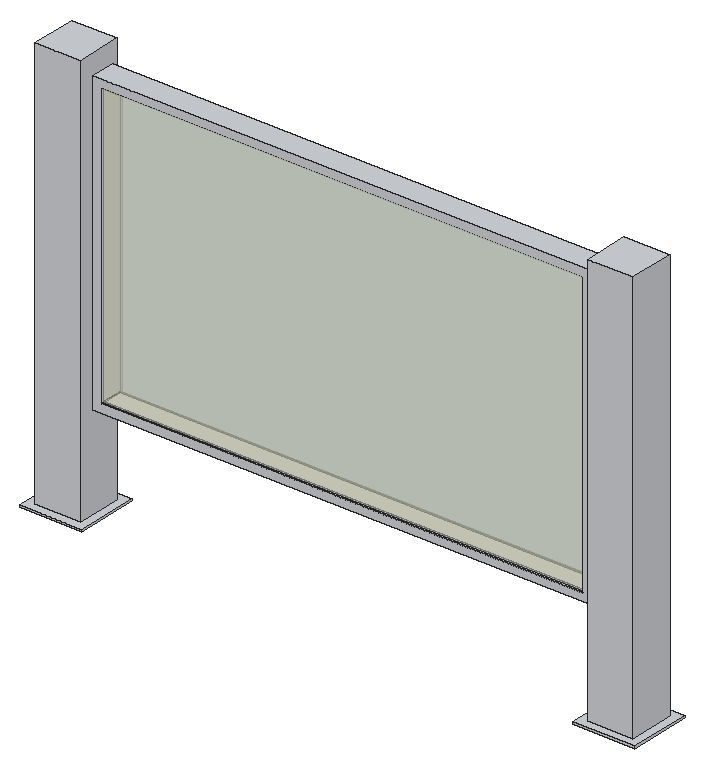
Revit family "Post Mounted", category Generic Models, Revit 2017
Family settings
  Can host rebar = No
  Round Connector Dimension = Use Diameter
  Part Type = Normal
  OmniClass Number = 23.25.40.21.17.24
  OmniClass Title = Panel Fences
  Work Plane-Based = No
  Always vertical = Yes
  Cut with Voids When Loaded = No
  Shared = No
  Room Calculation Point = No
Parameters (values of type "Flat Top")
  Width [instance] = 5' - 0"
  Version = "191001"  # constant formula
  URL = "https://cityscapesinc.com/naturescreen/"
  Surface Mounted Post = not(Direct Buried Post)  # yes
  Single Layer = not(Double Layer)  # no
  Screen Height [instance] = 3' - 0"
  Right Plate [instance] = and(Right Post, Surface Mounted Post)  # yes
  Post Size = if([4x4 Post], 0' 3 1/2", 0' 5 1/2")  # 0' - 5 1/2"
  Post Buried Depth = if(Direct Buried Post, 2' 6", 0' 0")  # 0' - 0"
  Model = "Nature Screen"  # constant formula
  Max Width = 10' - 1 1/4"  # constant formula
  Max Height = 10' - 1 1/4"  # constant formula
  Max Area = (10' 1 1/4" * 5' 1 1/2")  # 51.7839 SF
  Manufacturer = "CityScapes"  # constant formula
  Left Plate [instance] = and(Left Post, Surface Mounted Post)  # yes
  Layer One Location = if(Double Layer, 0' 0 1/8", Frame Depth / 2 - 0' 0 1/16")  # 0' - 0 1/8"
  LED Lights = yes
  LED Light = Nature Screen Light Source
  LED Flat Top = and(Flat Top, LED Lights)  # yes
  LED Arched Top = and(Arched Top, LED Lights)  # no
  Graphic on Back Face [instance] = yes
  Graphic Finish [instance] = Nature Screen Graphic
  Frame Depth = if(Double Layer, 0' 3", 0' 1")  # 0' - 3"
  Flat Top Double = and(Flat Top, Double Layer)  # yes
  Flat Top Back Face [instance] = and(Flat Top, Graphic on Back Face)  # yes
  Double Layer = yes
  Direct Buried Post = no
  Description = "Post Mounted Nature Screen"  # constant formula
  Author = "SHAPE Environments, LLC"  # constant formula
  Assembly Description = "Fences & Gates"  # constant formula
  Assembly Code = "G2040100"
  Arched Top Double = and(Double Layer, Arched Top)  # no
  Arched Top = no
  ArchTop Back Face [instance] = and(Arched Top, Graphic on Back Face)  # no
  Actual Width [instance] = if(Width > Max Width, Max Width, if(Width * Actual Screen Height > Max Area, Max Area / Actual Screen Height, Width))  # 5' - 0"
  Screen Offset From Ground = 1' - 0"
  Screen Material = Nature Screen 2"x2"
  Right Post [instance] = yes
  End Post Finish = none
  Post Extension = 0' - 2"  # constant formula
  Left Post [instance] = yes
  Actual Screen Height [instance] = if(Screen Height > Max Height, Max Height, if(Screen Height * Width > Max Area, Max Area / Width, Screen Height))  # 3' - 0"
  Frame Finish = none
  Foliage Material = Nature Screen Foliage
  Foliage [instance] = no
  Flat Top = not(Arched Top)  # yes
  Flat Foliage [instance] = and(Foliage, Flat Top)  # no
  Arch Height = 1' - 0"
  Arch Foliage [instance] = and(Foliage, Arched Top)  # no
  6x6 Post = yes
  4x4 Post = not([6x6 Post])  # no
Types (2): name | Width | Surface Mounted Post | Screen Height | Right Plate | Post Size | Post Buried Depth | Left Plate | LED Flat Top | LED Arched Top | Flat Top Double | Flat Top Back Face | Direct Buried Post | Assembly Code | Arched Top Double | Arched Top | ArchTop Back Face | Actual Width | Actual Screen Height | Flat Top | 6x6 Post | 4x4 Post
  Flat Top | 5' - 0" | yes | 3' - 0" | yes | 0' - 5 1/2" | 0' - 0" | yes | yes | no | yes | yes | no | "G2040100" | no | no | no | 5' - 0" | 3' - 0" | yes | yes | no
  Arch Top | 4' - 0" | no | 4' - 0" | no | 0' - 3 1/2" | 2' - 6" | no | no | yes | no | no | yes | 0' - 0" | yes | yes | yes | 4' - 0" | 4' - 0" | no | no | yes
Reference planes (in)
  plane 1 "Center (Front/Back)": y = 0
  plane 2: z = 0
  plane 3 "Center (Left/Right)": x = 1.8678
  plane 4: y = 2.75
  plane 5: y = -2.75
  plane 6: y = 1.5
  plane 7: y = -1.5
  plane 8 "Top of Post": z = 50
  plane 9: z = 12
  plane 10: z = 48
  plane 11: z = 47
  plane 12: z = 13
  plane 13: x = -34.1322
  plane 14: x = 37.8678
  plane 15: x = -28.6322
  plane 16: x = 32.3678
  plane 17: x = -31.3822
  plane 18: x = 35.1178
  plane 19: x = -28.1322
  plane 20: x = 31.8678
  plane 21: x = -27.1322
  plane 22: x = 30.8678
  plane 23: z = 60
  plane 24: z = 59
  plane 25 "screen location 1front": y = -1.375
  plane 26 "screen location 2 back": y = 1.375
  plane 27 "screen location 2 front": y = 1.25
  plane 28 "screenlocation 1 back": y = -1.25
  plane 29: z = 0.25
  plane 30 "plate back": y = 3.75
  plane 31 "plate rt": x = 38.8678
  plane 32 "plate edge": x = 31.3678
  plane 33 "plate front": y = -3.75
  plane 34: x = -27.6322
  plane 35: x = -35.1322
  plane 36: z = 0.25
  plane 37 "graphic front": y = 1.11681
  plane 38: z = 58.875
Forms (in)
  Extrusion 1, solid, material <- "End Post Finish", visible <- "Left Post"
    sketch origin (0.27693, 0.03644, 0) x (1, 0, 0) y (0, 1, 0)
      loop
        line (-34.40913, 2.71356) -> (-34.40913, -2.78644) -> (-28.90913, -2.78644) -> (-28.90913, 2.71356) -> (-34.40913, 2.71356)
    from 0.25 to 50
  Extrusion 2, solid, material <- "End Post Finish", visible <- "Right Post"
    sketch origin (75.69478, 0.03644, 0) x (1, 0, 0) y (0, 1, 0)
      loop
        line (-43.32698, 2.71356) -> (-43.32698, -2.78644) -> (-37.82698, -2.78644) -> (-37.82698, 2.71356) -> (-43.32698, 2.71356)
    from 0.25 to 50
  Extrusion 3, solid, material <- "Frame Finish", visible <- "Flat Top"
    sketch origin (0.27693, 0.03644, 0) x (1, 0, 0) y (0, 0, 1)
      loop
        line (-28.40913, 48) -> (-28.40913, 12) -> (31.59087, 12) -> (31.59087, 48) -> (-28.40913, 48)
      loop
        line (-27.40913, 47) -> (-27.40913, 13) -> (30.59087, 13) -> (30.59087, 47) -> (-27.40913, 47)
    from 1.53644 to -1.46356
  Extrusion 4, solid, material "Nature Screen 2"x2"" <- "Screen Material", visible <- "Flat Top"
    sketch origin (0.27693, 0.65767, 0) x (1, 0, 0) y (0, 0, 1)
      loop
        line (-27.40913, 47) -> (-27.40913, 13) -> (30.59087, 13) -> (30.59087, 47) -> (-27.40913, 47)
    from -0.59233 to -0.71733
  Extrusion 5, solid, material <- "Frame Finish", visible <- "Arched Top"
    sketch origin (0.27693, 0.03644, 0) x (1, 0, 0) y (0, 0, 1)
      loop
        line (-28.40913, 12) -> (31.59087, 12) -> (31.59087, 48)
        arc (31.59087, 48) -> (1.59087, 60.00001) -> (-28.40913, 48) r 43.49997
        line (-28.40913, 48) -> (-28.40913, 12)
      loop
        line (-27.40913, 13) -> (30.59087, 13) -> (30.59087, 47)
        arc (30.59087, 47) -> (1.59087, 59) -> (-27.40913, 47) r 41.04167
        line (-27.40913, 47) -> (-27.40913, 13)
    from 1.53644 to -1.46356
  Extrusion 6, solid, material "Nature Screen Foliage" <- "Foliage Material", visible <- "Flat Foliage", detail levels fine
    sketch origin (0.27693, 0.03644, 0) x (1, 0, 0) y (0, 0, 1)
      loop
        line (-27.40913, 47) -> (-27.40913, 13) -> (30.59087, 13) -> (30.59087, 47) -> (-27.40913, 47)
    from 1.41144 to -1.33856
  Extrusion 7, solid, material "Nature Screen 2"x2"" <- "Screen Material", visible <- "Arched Top Double"
    sketch origin (0.27693, 0.65767, 0) x (1, 0, 0) y (0, 0, 1)
      loop
        line (-27.40913, 13) -> (30.59087, 13) -> (30.59087, 47)
        arc (30.59087, 47) -> (1.59087, 59) -> (-27.40913, 47) r 41.04167
        line (-27.40913, 47) -> (-27.40913, 13)
    from -0.59233 to -0.71733
  Extrusion 8, solid, material "Nature Screen Foliage" <- "Foliage Material", visible <- "Arch Foliage", detail levels fine
    sketch origin (0.27693, 0.03644, 0) x (1, 0, 0) y (0, 0, 1)
      loop
        line (-27.40913, 13) -> (30.59087, 13) -> (30.59087, 47)
        arc (30.59087, 47) -> (1.59087, 59) -> (-27.40913, 47) r 41.04167
        line (-27.40913, 47) -> (-27.40913, 13)
    from 1.41144 to -1.33856
  Extrusion 9, solid, material "Nature Screen 2"x2"" <- "Screen Material", visible <- "Flat Top Double"
    sketch origin (0.27693, -1.08856, 0) x (1, 0, 0) y (0, 0, 1)
      loop
        line (-27.40913, 47) -> (-27.40913, 13) -> (30.59087, 13) -> (30.59087, 47) -> (-27.40913, 47)
    from 0.28644 to 0.16144
  Extrusion 10, solid, material "Nature Screen 2"x2"" <- "Screen Material", visible <- "Arched Top"
    sketch origin (0.27693, -1.08856, 0) x (1, 0, 0) y (0, 0, 1)
      loop
        line (-27.40913, 13) -> (30.59087, 13) -> (30.59087, 47)
        arc (30.59087, 47) -> (1.59087, 59) -> (-27.40913, 47) r 41.04167
        line (-27.40913, 47) -> (-27.40913, 13)
    from 0.28644 to 0.16144
  Extrusion 11, solid, material <- "End Post Finish", visible <- "Right Plate"
    sketch origin (0, 0, 0) x (1, 0, 0) y (0, 1, 0)
      loop
        line (31.3678, 3.75) -> (31.3678, -3.75) -> (38.8678, -3.75) -> (38.8678, 3.75) -> (31.3678, 3.75)
    from 0 to 0.25
  Extrusion 12, solid, material <- "End Post Finish", visible <- "Left Plate"
    sketch origin (-66.5, 0, 0) x (1, 0, 0) y (0, 1, 0)
      loop
        line (31.3678, 3.75) -> (31.3678, -3.75) -> (38.8678, -3.75) -> (38.8678, 3.75) -> (31.3678, 3.75)
    from 0 to 0.25
  Extrusion 13, solid, material "Default", visible <- "ArchTop Back Face"
    sketch origin (0.27693, 0.44726, 0) x (1, 0, 0) y (0, 0, 1)
      loop
        line (-27.40913, 13) -> (30.59087, 13) -> (30.59087, 47)
        arc (30.59087, 47) -> (1.59087, 59.00978) -> (-27.40913, 47) r 41.01801
        line (-27.40913, 47) -> (-27.40913, 13)
    from -0.66955 to -0.80274
  Extrusion 14, solid, material "Nature Screen Light Source" <- "LED Light", visible <- "LED Arched Top"
    sketch origin (0.27693, 0.03644, 0) x (1, 0, 0) y (0, 0, 1)
      loop
        line (-27.40913, 13) -> (-27.28413, 13) -> (-27.28413, 46.98363)
        arc (-27.28413, 46.98363) -> (1.59087, 58.875) -> (30.46587, 46.98363) r 41.00328
        line (30.46587, 46.98363) -> (30.46587, 13) -> (30.59087, 13) -> (30.59087, 47)
        arc (30.59087, 47) -> (1.59087, 59) -> (-27.40913, 47) r 41.04167
        line (-27.40913, 47) -> (-27.40913, 13)
    from 1.28644 to -1.21356
  Extrusion 15, solid, material "Default", visible <- "Flat Top Back Face"
    sketch origin (0.27693, -1.55274, 0) x (1, 0, 0) y (0, 0, 1)
      loop
        line (-27.40913, 13) -> (30.59087, 13) -> (30.59087, 47) -> (-27.40913, 47) -> (-27.40913, 13)
    from -2.66955 to -2.80274
  Extrusion 16, solid, material "Nature Screen Light Source" <- "LED Light", visible <- "LED Flat Top"
    sketch origin (0.27693, -3.95797, 0) x (1, 0, 0) y (0, 0, 1)
      loop
        line (-27.40913, 13) -> (30.59087, 13) -> (30.59087, 47) -> (-27.40913, 47) -> (-27.40913, 13)
      loop
        line (30.46587, 46.875) -> (-27.28413, 46.875) -> (-27.28413, 13.125) -> (30.46587, 13.125) -> (30.46587, 46.875)
    from -2.70797 to -5.20797
Lines and regions (in)
  Masking region 1
    outline origin (0, 0, 50) x (-1, 0, 0) y (0, -1, 0)
      loop
        line (-31.8678, -1.5) -> (28.1322, -1.5) -> (28.1322, 1.5) -> (-31.8678, 1.5) -> (-31.8678, -1.5)
  Masking region 2, visible <- "Right Post"
    outline origin (0, 0, 50) x (-1, 0, 0) y (0, -1, 0)
      loop
        line (-37.8678, -2.75) -> (-32.3678, -2.75) -> (-32.3678, 2.75) -> (-37.8678, 2.75) -> (-37.8678, -2.75)
  Masking region 3, visible <- "Left Post"
    outline origin (-74.75, 0, 50) x (-1, 0, 0) y (0, -1, 0)
      loop
        line (-46.1178, -2.75) -> (-40.6178, -2.75) -> (-40.6178, 2.75) -> (-46.1178, 2.75) -> (-46.1178, -2.75)
  Masking region 4, visible <- "Right Plate", detail levels fine
    outline origin (0, 0, 0) x (1, 0, 0) y (0, 1, 0)
      loop
        line (38.8678, 3.75) -> (31.3678, 3.75) -> (31.3678, -3.75) -> (38.8678, -3.75) -> (38.8678, 3.75)
  Masking region 5, visible <- "Left Plate", detail levels fine
    outline origin (-66.5, 0, 0) x (1, 0, 0) y (0, 1, 0)
      loop
        line (38.8678, 3.75) -> (31.3678, 3.75) -> (31.3678, -3.75) -> (38.8678, -3.75) -> (38.8678, 3.75)
  model lines, style "InvisibleLines"
    curve 1: line (-27.1322, -3.25, 0) -> (-27.1322, -4.25, 0)
    curve 2: line (-27.1322, -4.25, 0) -> (-26.8822, -4.25, 0)
Dimensions and locks (in)
  "Post Size": plane 5 to plane 4
  locked: plane 10 to plane 11 at 1
  locked: plane 12 to plane 9 at 1
  equal spacing: plane 13, plane 17, plane 15
  equal spacing: plane 16, plane 18, plane 14
  locked: plane 19 to plane 15 at 0.5
  locked: plane 16 to plane 20 at 0.5
  "Post Size": plane 13 to plane 15
  "Post Size": plane 16 to plane 14
  equal spacing: plane 5, plane 1 "Center (Front/Back)", plane 4
  locked: plane 21 to plane 19 at 1
  locked: plane 22 to plane 20 at 1
  "Actual Screen Height": plane 10 to plane 9
  "Post Extension": plane 8 "Top of Post" to plane 10
  "Screen Offset From Ground": plane 9 to level
  locked: Extrusion 5 sketch curve to plane 23 at 0.00001
  locked: plane 24 to Extrusion 5 sketch curve at 0
  locked: plane 23 to plane 24 at 1
  "Arch Height": plane 23 to plane 10
  locked: plane 24 to Extrusion 7 sketch curve at 0
  locked: plane 11 to Extrusion 7 sketch curve
  locked: plane 11 to Extrusion 7 sketch curve at 0
  locked: plane 11 to Extrusion 8 sketch curve at 0  (x2)
  locked: plane 24 to Extrusion 5 at 0  (x2)
  locked: curve 2 to curve 2 at 0.25
  locked: curve 1 to plane 5 at 0.5
  locked: curve 1 to curve 1 at 1
  "Actual Width": plane 19 to plane 20
  equal spacing: plane 19, plane 3 "Center (Left/Right)", plane 20
  locked: plane 24 to Extrusion 8 sketch curve at 0
  locked: plane 7 to plane 25 "screen location 1front" at 0.125
  "Layer One Location": plane 6 to plane 26 "screen location 2 back"
  locked: plane 27 "screen location 2 front" to plane 26 "screen location 2 back" at 0.125
  locked: plane 25 "screen location 1front" to plane 28 "screenlocation 1 back" at 0.125
  "Frame Depth": plane 7 to plane 6
  equal spacing: plane 7, plane 1 "Center (Front/Back)", plane 6
  locked: plane 24 to Extrusion 10 sketch curve at 0
  "Post Buried Depth": plane 36 to plane 29
  locked: plane 33 "plate front" to plane 5 at 1
  locked: plane 30 "plate back" to plane 4 at 1
  locked: plane 14 to plane 31 "plate rt" at 1
  locked: plane 32 "plate edge" to plane 16 at 1
  locked: plane 35 to plane 13 at 1
  locked: plane 15 to plane 34 at 1
  locked: plane 36 to level at 0.25
  locked: plane 37 "graphic front" to plane 27 "screen location 2 front" at 0.13319
  Extrusion 14 to plane 24 = 0' - 0"
  locked: Extrusion 14 sketch curve to plane 24 at 0
  locked: plane 24 to plane 38 at 0.125
  locked: plane 38 to Extrusion 14 sketch curve
  locked: Extrusion 13 sketch curve to plane 24 at 0.00978
  locked: plane 11 to Extrusion 13 sketch curve at 0  (x2)
  aligned and locked: plane 2 to level
  aligned and locked: Extrusion 1 sketch curve to plane 5
  aligned and locked: Extrusion 1 sketch curve to plane 4
  aligned and locked: plane 8 "Top of Post" to Extrusion 1
  aligned and locked: plane 4 to Extrusion 2
  aligned and locked: plane 5 to Extrusion 2
  aligned and locked: Extrusion 2 to Extrusion 1
  aligned and locked: Extrusion 3 sketch curve to plane 10
  aligned and locked: plane 9 to Extrusion 3 sketch curve
  aligned and locked: Extrusion 3 sketch curve to plane 11
  aligned and locked: Extrusion 3 sketch curve to plane 12
  aligned and locked: Extrusion 4 sketch curve to plane 12
  aligned and locked: Extrusion 4 sketch curve to plane 11
  aligned and locked: Extrusion 1 to plane 13
  aligned and locked: plane 15 to Extrusion 1
  aligned and locked: plane 5 to Extrusion 1
  aligned and locked: plane 4 to Extrusion 1
  aligned and locked: plane 14 to Extrusion 2
  aligned and locked: Extrusion 2 to plane 16
  aligned and locked: Extrusion 3 to plane 19
  aligned and locked: Extrusion 3 to plane 21
  aligned and locked: plane 22 to Extrusion 3
  aligned and locked: Extrusion 3 to plane 20
  aligned and locked: Extrusion 4 to Extrusion 3  (x2)
  aligned and locked: Masking region 1 sketch curve to Extrusion 3  (x4)
  aligned and locked: Extrusion 6 to Extrusion 5  (x2)
  aligned and locked: Extrusion 7 to Extrusion 3  (x2)
  aligned and locked: plane 12 to Extrusion 7
  aligned and locked: plane 14 to Masking region 2 sketch curve
  aligned and locked: plane 4 to Masking region 2 sketch curve
  aligned and locked: plane 5 to Masking region 2 sketch curve
  aligned and locked: Masking region 2 sketch curve to plane 16
  aligned and locked: plane 15 to Masking region 3
  aligned and locked: Masking region 3 to plane 13
  aligned and locked: Extrusion 7 to plane 26 "screen location 2 back"
  aligned and locked: plane 27 "screen location 2 front" to Extrusion 7
  aligned and locked: plane 27 "screen location 2 front" to Extrusion 4
  aligned and locked: Extrusion 4 to plane 26 "screen location 2 back"
  aligned and locked: Extrusion 9 to plane 28 "screenlocation 1 back"
  aligned and locked: plane 25 "screen location 1front" to Extrusion 9
  aligned and locked: plane 25 "screen location 1front" to Extrusion 10
  aligned and locked: Extrusion 10 to plane 28 "screenlocation 1 back"
  aligned and locked: plane 7 to Extrusion 5
  aligned and locked: plane 6 to Extrusion 5
  aligned and locked: plane 6 to Extrusion 3
  aligned and locked: plane 7 to Extrusion 3
  aligned and locked: plane 25 "screen location 1front" to Extrusion 8
  aligned and locked: plane 25 "screen location 1front" to Extrusion 6
  aligned and locked: Extrusion 8 to plane 26 "screen location 2 back"
  aligned and locked: Extrusion 6 to plane 26 "screen location 2 back"
  aligned and locked: Extrusion 1 to plane 29
  aligned and locked: Extrusion 1 to Extrusion 2
  aligned and locked: plane 30 "plate back" to Masking region 4 sketch curve
  aligned and locked: Masking region 4 sketch curve to plane 32 "plate edge"
  aligned and locked: plane 33 "plate front" to Masking region 4 sketch curve
  aligned and locked: plane 31 "plate rt" to Masking region 4 sketch curve
  aligned and locked: Extrusion 11 sketch curve to plane 30 "plate back"
  aligned and locked: Extrusion 11 sketch curve to plane 31 "plate rt"
  aligned and locked: plane 32 "plate edge" to Extrusion 11 sketch curve
  aligned and locked: Extrusion 11 sketch curve to plane 33 "plate front"
  aligned and locked: Masking region 5 sketch curve to plane 35
  aligned and locked: plane 34 to Masking region 5 sketch curve
  aligned and locked: Extrusion 12 sketch curve to plane 34
  aligned and locked: plane 35 to Extrusion 12 sketch curve
  aligned and locked: plane 28 "screenlocation 1 back" to Extrusion 14
  aligned and locked: Extrusion 14 to plane 27 "screen location 2 front"
  aligned and locked: Extrusion 13 to plane 27 "screen location 2 front"
  aligned and locked: plane 37 "graphic front" to Extrusion 13
  aligned and locked: Extrusion 15 to plane 27 "screen location 2 front"
  aligned and locked: plane 37 "graphic front" to Extrusion 15
  aligned and locked: Extrusion 16 to plane 27 "screen location 2 front"
  aligned and locked: plane 28 "screenlocation 1 back" to Extrusion 16
  aligned and locked: plane 12 to Extrusion 14 sketch curve  (x2)
Automatic sketch dimensions
  curve 1 to plane 21 = 0' - 0"
  Extrusion 1 sketch curve to plane 13 = 0' - 0"
  Extrusion 1 sketch curve to plane 15 = 0' - 0"
  plane 5 to Extrusion 2 sketch curve = 0' - 0"
  Extrusion 2 sketch curve to plane 16 = 0' - 0"
  Extrusion 2 sketch curve to plane 14 = 0' - 0"
  Extrusion 2 sketch curve to plane 4 = 0' - 0"
  plane 19 to Extrusion 3 sketch curve = 0' - 0"
  Extrusion 3 sketch curve to plane 21 = 0' - 0"
  plane 22 to Extrusion 3 sketch curve = 0' - 0"
  Extrusion 3 sketch curve to plane 20 = 0' - 0"
  plane 21 to Extrusion 4 sketch curve = 0' - 0"
  plane 22 to Extrusion 4 sketch curve = 0' - 0"
  Extrusion 5 sketch curve to plane 10 = 0' - 0"
  Extrusion 5 sketch curve to plane 19 = 0' - 0"
  Extrusion 5 sketch curve to plane 11 = 0' - 0"
  Extrusion 5 sketch curve to plane 21 = 0' - 0"
  Extrusion 5 sketch curve to plane 3 "Center (Left/Right)" = 0' - 0"  (x2)
  Extrusion 5 sketch curve to plane 12 = 0' - 0"
  plane 22 to Extrusion 5 sketch curve = 0' - 0"
  Extrusion 5 sketch curve to plane 9 = 0' - 0"
  plane 20 to Extrusion 5 sketch curve = 0' - 0"
  Extrusion 6 sketch curve to plane 12 = 0' - 0"
  plane 21 to Extrusion 6 sketch curve = 0' - 0"
  plane 22 to Extrusion 6 sketch curve = 0' - 0"
  Extrusion 6 sketch curve to plane 11 = 0' - 0"
  Extrusion 7 sketch curve to plane 21 = 0' - 0"
  Extrusion 7 sketch curve to plane 3 "Center (Left/Right)" = 0' - 0"
  Extrusion 7 sketch curve to plane 12 = 0' - 0"
  Extrusion 8 sketch curve to plane 21 = 0' - 0"
  Extrusion 8 sketch curve to plane 3 "Center (Left/Right)" = 0' - 0"
  Extrusion 8 sketch curve to plane 12 = 0' - 0"
  plane 5 to Masking region 3 sketch curve = 0' - 0"
  Masking region 3 sketch curve to plane 15 = 0' - 0"
  Masking region 3 sketch curve to plane 13 = 0' - 0"
  Masking region 3 sketch curve to plane 4 = 0' - 0"
  Extrusion 9 sketch curve to plane 12 = 0' - 0"
  plane 21 to Extrusion 9 sketch curve = 0' - 0"
  plane 22 to Extrusion 9 sketch curve = 0' - 0"
  Extrusion 9 sketch curve to plane 11 = 0' - 0"
  Extrusion 10 sketch curve to plane 11 = 0' - 0"
  Extrusion 10 sketch curve to plane 21 = 0' - 0"
  Extrusion 10 sketch curve to plane 3 "Center (Left/Right)" = 0' - 0"
  Extrusion 10 sketch curve to plane 12 = 0' - 0"
  plane 22 to Extrusion 10 sketch curve = 0' - 0"
  plane 33 "plate front" to Masking region 5 sketch curve = 0' - 0"
  Masking region 5 sketch curve to plane 30 "plate back" = 0' - 0"
  plane 33 "plate front" to Extrusion 12 sketch curve = 0' - 0"
  Extrusion 12 sketch curve to plane 30 "plate back" = 0' - 0"
  Extrusion 15 sketch curve to plane 11 = 0' - 0"
  Extrusion 15 sketch curve to plane 21 = 0' - 0"
  Extrusion 15 sketch curve to plane 12 = 0' - 0"
  plane 22 to Extrusion 15 sketch curve = 0' - 0"
  Extrusion 16 sketch curve to plane 12 = 0' - 0"
  plane 21 to Extrusion 16 sketch curve = 0' - 0 1/8"
  plane 22 to Extrusion 16 sketch curve = 0' - 0 1/8"
  Extrusion 16 sketch curve to plane 12 = 0' - 0 1/8"
  Extrusion 16 sketch curve to plane 11 = 0' - 0 1/8"
  plane 22 to Extrusion 16 sketch curve = 0' - 0"
  Extrusion 16 sketch curve to plane 11 = 0' - 0"
  Extrusion 16 sketch curve to plane 21 = 0' - 0"
  Extrusion 13 sketch curve to plane 21 = 0' - 0"
  Extrusion 13 sketch curve to plane 3 "Center (Left/Right)" = 0' - 0"
  Extrusion 13 sketch curve to plane 12 = 0' - 0"
  Extrusion 14 sketch curve to plane 11 = 0' - 0"
  Extrusion 14 sketch curve to plane 21 = 0' - 0"
  Extrusion 14 sketch curve to plane 3 "Center (Left/Right)" = 0' - 0"  (x2)
  plane 22 to Extrusion 14 sketch curve = 0' - 0"
  plane 21 to Extrusion 14 sketch curve = 0' - 0 1/8"
  Extrusion 14 sketch curve to plane 11 = 0' - 0.01637"
  plane 22 to Extrusion 14 sketch curve = 0' - 0 1/8"
